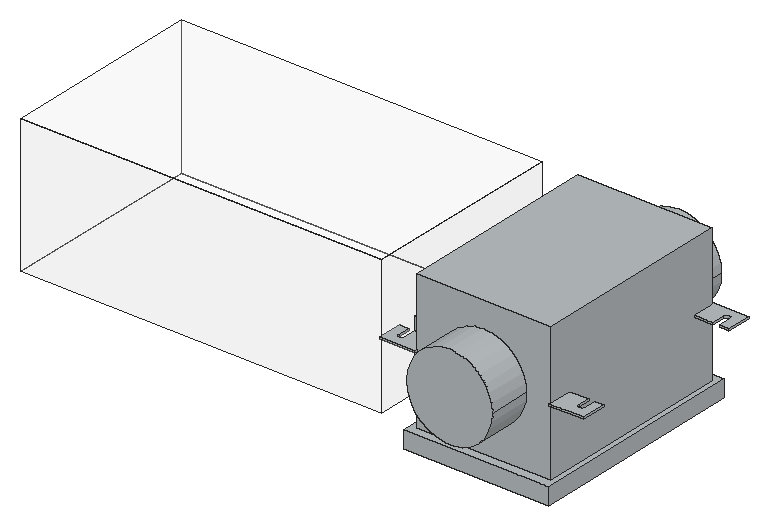
Revit family "bfs-30_150sya2_50Hz", category 機械設備, Revit 2019
Family settings
  丸型コネクタ寸法 = 直径を使用
  パーツ タイプ = 割り込み
  OmniClass 番号 = 23.75.35.17.27
  OmniClass タイトル = Centrifugal Fans
  作業面ベース = いいえ
  常に垂直 = はい
  ロード時にボイドで切り取り = いいえ
  共有 = いいえ
  部屋計算ポイント = はい
Parameters (values of type "BFS-30SYA2")
  騒音レベル(dB(A))_吸込 = 36
  騒音レベル(dB(A))_吐出 = 40
  騒音レベル(dB(A))_側面 = 23
  騒音レベル(dB(A)) = 40
  風量 [instance] = 設計風量  # 0.0 m³/h
  電源種別 [instance] = "一般"
  電圧 = 100 V
  電動機出力 = 16 W
  電動機_種別 [instance] = ""
  運転質量 = 0.00 kg
  連動 [instance] = ""
  質量 = if(製品質量 > 運転質量, 製品質量, 運転質量) * 1.2  # 8.40 kg
  負荷分類 = 3_ファン類
  説明 = "ストレートシロッコファン消音形耐湿タイプ"
  設計風量 [instance] = 0.0 m³/h
  設置方法 = "天吊"
  記号 [instance] = ""
  製造元 = "三菱電機株式会社"
  製品質量 = 7.00 kg
  製品出荷対象 = "国内"
  製品リリース年月 = "2022年6月1日"
  製品グループ = ""
  系統 [instance] = ""
  符号 [instance] = if(☑給気／□排気, "FS", "FE")  # "FE"
  積算_科目 = "2 換気設備"
  積算_拾い区分 [instance] = ""
  相 = 1
  盤記号 [instance] = ""
  盤工事区分 = "電気工事"
  発停方法 [instance] = "別売スイッチ"
  番手 = "#1"
  特殊仕様 [instance] = ""
  火災停止 = ""
  消費電力 = 37 W
  法定耐用年数 = "15"
  機外静圧 [instance] = 0.0 Pa
  極数 = 2
  極 = 4
  材質 [instance] = ""
  本体マテリアル = 溶融亜鉛めっき鋼板
  操作・制御方式 = ""
  操作・制御スイッチ = ""
  排気量 [instance] = if(☑給気／□排気, 0.0 m³/h, 設計風量)  # 0.0 m³/h
  形式 = ""
  形名 = BFS-SYA : BFS-30SYA
  幹線記号 [instance] = ""
  対象室 [instance] = ""
  実風量 = 0.0 m³/h
  始動方式 [instance] = "直入"
  外気量 [instance] = if(☑給気／□排気, 設計風量, 0.0 m³/h)  # 0.0 m³/h
  呼称 = "消音ボックス付送風機"
  周波数 = 50 Hz
  天吊金具ピッチ幅 = 299 mm
  天吊金具ピッチ奥行 = 300 mm
  参照している仕様書等のバージョン = ""
  分類コード = "50052502100020"
  分類グループ = ""
  価格 = 110000
  企業コード = "108420"
  付属品_防振装置 = ""
  付属品 [instance] = ""
  仕様書バージョン = "Version1.0"
  モデル = "BFS-30SYA2"
  ファンの種類 = "多翼形"
  ドレン管径 = 18 mm
  ダクト径 = 150 mm
  サービススペース = yes
  コメント [instance] = ""
  Keynote = ""
  ☑給気／□排気 [instance] = no
  Width = 223 mm
  Version = ""
  Uniclass2015Version = "Systems v1.9"
  Uniclass2015Title = "Centrifugal fans"
  Uniclass2015Code = "Pr_65_67_29_12"
  URL = "https://www.mitsubishielectric.co.jp/ldg/wink/ssl/displayProduct.do?pid=319099"
  SpecificationReference = ""
  SpecificationDescription = ""
  Revision = ""
  ProductInformation = ""
  OmniClassCode = "23-33 31 19 13 15"
  MIN風量 = 0.0 m³/h
  MIN静圧 = 0.0 Pa
  MID風量 = 0.0 m³/h
  MID静圧 = 0.0 Pa
  MAX風量 = 300.0 m³/h
  MAX静圧 = 39.0 Pa
  M = 70 mm
  IfcTypeProduct = ""
  IfcProduct = ""
  IfcExportType = "CENTRIFUGALFORWARDCURVED"
  IfcExportAs = "IfcFanType"
  Height = 228.4 mm
  Depth = 335 mm
  Clearance Top = 0 mm  # constant formula
  Clearance Right = 0 mm  # constant formula
  Clearance Left = 600 mm  # constant formula
  Clearance Front = 0 mm  # constant formula
  Clearance Bottom = 0 mm  # constant formula
  Clearance Back = 0 mm  # constant formula
  Author = "三菱電機株式会社"
Types (6, lengths in mm): name | 騒音レベル(dB(A))_吸込 | 騒音レベル(dB(A))_吐出 | 騒音レベル(dB(A))_側面 | 騒音レベル(dB(A)) | 電動機出力 | 質量 | 製品質量 | 番手 | 消費電力 | 形名 | 天吊金具ピッチ幅 | 天吊金具ピッチ奥行 | 参照している仕様書等のバージョン | 価格 | モデル | ダクト径 | Width | URL | MAX風量 | MAX静圧 | M | Height | Depth
  BFS-30SYA2 | 36 | 40 | 23 | 40 | 16 W | 8.40 kg | 7.00 kg | "#1" | 37 W | BFS-SYA : BFS-30SYA | 299 | 300 | "" | 110000 | "BFS-30SYA2" | 150 | 223 | "https://www.mitsubishielectric.co.jp/ldg/wink/ssl/displayProduct.do?pid=319099" | 300.0 m³/h | 39.0 Pa | 70 | 228.4 | 335
  BFS-40SYA2 | 38 | 43 | 25.5 | 43 | 25 W | 11.40 kg | 9.50 kg | "#1 1/4" | 57 W | BFS-SYA : BFS-40SYA | 331 | 353 | "" | 119000 | "BFS-40SYA2" | 150 | 255 | "https://www.mitsubishielectric.co.jp/ldg/wink/ssl/displayProduct.do?pid=319106" | 400.0 m³/h | 59.0 Pa | 70 | 258.4 | 388
  BFS-50SYA2 | 37 | 48 | 24.5 | 48 | 45 W | 15.00 kg | 12.50 kg | "#1 1/4" | 73.5 W | BFS-SYA : BFS-50SYA | 401 | 388 | "公共建築工事標準仕様書（機械設備工事編）平成31年度版" | 161000 | "BFS-50SYA2" | 200 | 325 | "https://www.mitsubishielectric.co.jp/ldg/wink/ssl/displayProduct.do?pid=319114" | 500.0 m³/h | 130.0 Pa | 85 | 258.4 | 423
  BFS-80SYA2 | 39 | 52 | 29 | 52 | 80 W | 18.00 kg | 15.00 kg | "#1 1/4" | 137 W | BFS-SYA : BFS-80SYA | 449 | 453 | "公共建築工事標準仕様書（機械設備工事編）平成31年度版" | 179000 | "BFS-80SYA2" | 200 | 373 | "https://www.mitsubishielectric.co.jp/ldg/wink/ssl/displayProduct.do?pid=318464" | 800.0 m³/h | 98.0 Pa | 85 | 308.4 | 488
  BFS-100SYA2 | 43 | 57 | 32 | 57 | 160 W | 21.60 kg | 18.00 kg | "#1 1/2" | 198 W | BFS-SYA : BFS-100SYA | 469 | 453 | "公共建築工事標準仕様書（機械設備工事編）平成31年度版" | 204000 | "BFS-100SYA2" | 200 | 393 | "https://www.mitsubishielectric.co.jp/ldg/wink/ssl/displayProduct.do?pid=318945" | 1000.0 m³/h | 145.0 Pa | 85 | 308.4 | 488
  BFS-150SYA2 | 49.5 | 61.5 | 37 | 61.5 | 340 W | 25.80 kg | 21.50 kg | "#1 1/2" | 388 W | BFS-SYA : BFS-150SYA | 467 | 555 | "公共建築工事標準仕様書（機械設備工事編）平成31年度版" | 234000 | "BFS-150SYA2" | 250 | 391 | "https://www.mitsubishielectric.co.jp/ldg/wink/ssl/displayProduct.do?pid=318964" | 1500.0 m³/h | 180.0 Pa | 85 | 353.4 | 590
Reference planes
  plane 1 "中心(正面/背面)": y = 0
  plane 2: z = 0
  plane 3 "中心(左/右)": x = -128
  plane 4 "左": x = -239.5
  plane 5 "右": x = -16.5
  plane 6 "背面": y = 167.5
  plane 7 "正面": y = -167.5
  plane 8: z = 114.2
  plane 9: y = 150
  plane 10: y = -150
  plane 11: x = 21.5
  plane 12: x = -277.5
  plane 13: z = -114.2
  plane 14: z = 114.2
  plane 15: z = -114.2
  plane 16: y = 167.5
  plane 17: y = -167.5
  plane 18: x = -16.5
  plane 19: x = -897.5
  plane 20: x = -297.5
Lines and regions (mm)
  Masking region 1, detail levels coarse+medium
    outline origin (-363.959, -524.811, 0) x (1, 0, 0) y (0, 1, 0)
      loop
        line (124.459, 357.311) -> (347.459, 357.311) -> (347.459, 692.311) -> (124.459, 692.311) -> (124.459, 357.311)
  symbolic lines, detail levels coarse+medium
    curve 1: line (-239.5, 167.5, 0) -> (-16.5, 0, 0)
    curve 2: line (-16.5, 0, 0) -> (-239.5, -167.5, 0)
Dimensions and locks
  "Width": plane 4 "左" to plane 5 "右"
  equal spacing: plane 7 "正面", plane 1 "中心(正面/背面)", plane 6 "背面"
  "Depth": plane 7 "正面" to plane 6 "背面"
  equal spacing: plane 8, level, plane 13
  "Height": plane 8 to plane 13
  equal spacing: plane 10, plane 1 "中心(正面/背面)", plane 9
  "天吊金具ピッチ奥行": plane 10 to plane 9
  "天吊金具ピッチ幅": plane 12 to plane 11
  "Clearance Top": plane 14 to plane 8
  "Clearance Bottom": plane 13 to plane 15
  "Clearance Front": plane 17 to plane 7 "正面"
  "Clearance Back": plane 6 "背面" to plane 16
  "Clearance Right": plane 5 "右" to plane 18
  equal spacing: plane 4 "左", plane 3 "中心(左/右)", plane 5 "右"
  equal spacing: plane 12, plane 3 "中心(左/右)", plane 11
  locked: plane 20 to plane 12 at 20
  "Clearance Left": plane 19 to plane 20
  aligned and locked: level to plane 2
  aligned and locked: nested 2 to plane 9
  aligned and locked: plane 10 to nested 2
  aligned and locked: plane 12 to nested 2
  aligned and locked: plane 11 to nested 2
  aligned and locked: plane 8 to nested 1
  aligned and locked: plane 19 to nested 3
  aligned and locked: plane 17 to nested 3
  aligned and locked: plane 14 to nested 3
  aligned and locked: plane 15 to nested 3
  aligned and locked: plane 1 "中心(正面/背面)" to nested 1
  aligned and locked: nested 1 to plane 3 "中心(左/右)"
  aligned and locked: plane 16 to nested 3
  aligned and locked: plane 20 to nested 3
  aligned and locked: plane 5 "右" to Masking region 1
  aligned and locked: Masking region 1 to plane 4 "左"
  aligned and locked: Masking region 1 to plane 6 "背面"
  aligned and locked: plane 7 "正面" to Masking region 1
Automatic sketch dimensions
  plane 20 to Masking region 1 sketch curve = 58 mm
  Masking region 1 sketch curve to plane 11 = 38 mm
  plane 7 "正面" to Masking region 1 sketch curve = 0 mm
  plane 6 "背面" to Masking region 1 sketch curve = 0 mm
  curve 2 to plane 4 "左" = 0 mm
  curve 1 to plane 4 "左" = 0 mm
  plane 1 "中心(正面/背面)" to curve 1 = 0 mm
  curve 1 to plane 5 "右" = 0 mm
  plane 7 "正面" to curve 2 = 0 mm
  plane 6 "背面" to curve 1 = 0 mm
Nested families
  nested 1: "BFS-SYA" at (-128, 0, -114.2) x (0, -1, 0) z (0, 0, 1), type <- "形名", type "BFS-30SYA"
  nested 2: "固定点" at (-277.5, -150, 0), type "固定点"
    with W 299 mm, D 300 mm
  nested 3: "サービススペース" at (-597.5, 0, 0), visible <- "サービススペース", type "サービススペース"
    with Width 600 mm, Height 228.4 mm, Depth 335 mm
Connectors
  hvac at (-128, -237.5, 1.2), driven by "ダクト径", driven by "機外静圧", driven by "風量"
    settings: on nested 1, index 2, duct flow 0.0 m³/h, flow factor 0, pres drop 0.0 Pa, loss coef 0, conn angle 0.00°, conn width 304.8 mm, conn height 304.8 mm, conn diameter 150 mm, duct sys type 29, conn prof type 0, flow config 0, flow direction 2, loss method 4, conn ref index -1, conn util no, is conn primary yes, conn desc ""
  hvac at (-128, 237.5, 1.2), driven by "ダクト径", driven by "機外静圧", driven by "風量"
    settings: on nested 1, index 3, duct flow 0.0 m³/h, flow factor 0, pres drop 0.0 Pa, loss coef 0, conn angle 0.00°, conn width 304.8 mm, conn height 304.8 mm, conn diameter 150 mm, duct sys type 29, conn prof type 0, flow config 0, flow direction 1, loss method 4, conn ref index -1, conn util no, is conn primary no, conn desc ""
  electrical at (-290.6, -36.9, -38.2), driven by "極数", driven by "負荷分類", driven by "電圧", driven by "消費電力"
    settings: on nested 1, index 4, voltage 100 V, apparent load 37 VA, apparent load phase1 0 VA, apparent load phase2 0 VA, apparent load phase3 0 VA, power factor 1, load classification "3_ファン類", number of poles 2, system type 30, power factor state 1, is connector primary yes, connector utility no, sub classification motor no, connector description ""
  piping at (-233, 0, -167.8), diameter 18, driven by "ドレン管径"
    settings: on nested 1, index 5, connector inside diameter 609.6 mm, connector length 0 mm, flow factor 0, pipe flow 0.0 L/s, pressure drop 0.0 Pa, fitting loss kfactor 0, connector angle 0.00°, fixture units 0, engagement length 0 mm, angle of deflection 0.00°, flow configuration 1, flow direction 2, fitting loss method 4, system type 16, joint type 0, gender type 0, connector reference index -1, connector utility 0, adjustable connector no, is connector primary yes, connector description ""
Definition of nested family "BFS-SYA"
  Parameters (values of type "BFS-30SYA")
    端子カバー高 = 90 mm  # constant formula
    端子カバー手前位置 = 60.6 mm
    端子カバー幅 = 51.1 mm  # constant formula
    端子カバー奥行 = 140 mm  # constant formula
    端子カバー上位置 = 107.4 mm
    吊りボルト-φ = 11 mm
    吊りボルト-W2 = 41 mm
    吊りボルト-W1 = 300 mm
    吊りボルト-D2 = 339 mm
    吊りボルト-D1 = 299 mm
    マテリアル = none
    ダクト位置高 = 113 mm
    φ = 142 mm
    Φ = 160 mm
    w1 = 365 mm
    kb_z = 20 mm
    吊りボルト-h = ダクト位置高  # 113 mm
    d1 = 240 mm
    b = 280 mm
    a = 70 mm
    W = 335 mm
    H = 228.4 mm
    c = 85 mm
    D = 223 mm
  Types (6, lengths in mm): name | 端子カバー手前位置 | 端子カバー上位置 | 吊りボルト-W1 | 吊りボルト-D2 | 吊りボルト-D1 | ダクト位置高 | φ | Φ | w1 | kb_z | 吊りボルト-h | d1 | b | a | W | H | c | D
    BFS-50SYA | 69.2 | 122.8 | 388 | 441 | 401 | 128 | 192 | 208 | 453 | 20 | 128 | 342 | 280 | 85 | 423 | 258.4 | 50 | 325
    BFS-80SYA | 71 | 152.4 | 453 | 489 | 449 | 153 | 192 | 208 | 519 | 25 | 153 | 390 | 280 | 85 | 488 | 308.4 | 50 | 373
    BFS-100SYA | 70.2 | 152.4 | 453 | 509 | 469 | 153 | 192 | 208 | 519 | 25 | 153 | 410 | 280 | 85 | 488 | 308.4 | 50 | 393
    BFS-150SYA | 88.2 | 60.5 | 555 | 507 | 467 | 175 | 242 | 258 | 621 | 120 | 175 | 408 | 280 | 85 | 590 | 353.4 | 50 | 391
    BFS-30SYA | 60.6 | 107.4 | 300 | 339 | 299 | 113 | 142 | 160 | 365 | 20 | 113 | 240 | 280 | 70 | 335 | 228.4 | 85 | 223
    BFS-40SYA | 62.3 | 122.6 | 353 | 371 | 331 | 128 | 142 | 160 | 419 | 25 | 128 | 273 | 288 | 70 | 388 | 258.4 | 50 | 255
  Reference planes
    plane 1 "中心(正面/背面)": y = 0
    plane 2: z = 0
    plane 3 "中心(左/右)": x = 0
    plane 4: y = 111.5
    plane 5: y = 149.5
    plane 6: y = 169.5
    plane 7: y = -111.5
    plane 8: y = -149.5
    plane 9: y = -169.5
    plane 10: x = -167.5
    plane 11: x = -150
    plane 12: x = -170.5
    plane 13: x = 167.5
    plane 14: x = 150
    plane 15: x = 170.5
    plane 16: z = 228.4
    plane 17: x = -173.1
    plane 18: x = 106.9
    plane 19: x = 237.5
    plane 20: x = -237.5
    plane 21: z = 115.4
    plane 22: z = 112.4
    plane 23: z = 74.4
    plane 24: x = -129.5
    plane 25: z = 97.4
    plane 26: x = 129.5
    plane 27: y = 114.5
    plane 28: x = -33.1
    plane 29: z = 121
    plane 30: z = 31
    plane 31: y = -162.6
    plane 32: y = 120
    plane 33: y = -120
    plane 34: x = -182.5
    plane 35: x = 182.5
    plane 36: z = -23.6
    plane 37: z = -28.6
    plane 38: z = -53.6
    plane 39: y = -105
    plane 40: z = 115.4
  Forms (mm)
    Extrusion 1, solid, material <- "マテリアル", detail levels fine
      sketch origin (0, 0, 0) x (1, 0, 0) y (0, 1, 0)
        loop
          line (-167.5, 111.5) -> (-167.5, -111.5) -> (167.5, -111.5) -> (167.5, 111.5) -> (-167.5, 111.5)
      from 0 to 228.4
    Extrusion 2, solid, material <- "マテリアル", detail levels fine
      sketch origin (0, 0, 0) x (1, 0, 0) y (0, 1, 0)
        loop
          line (-170.5, -111.5) -> (-170.5, -169.5) -> (-129.5, -169.5) -> (-129.5, -155) -> (-150, -155)
          arc (-150, -155) -> (-155.5, -149.5) -> (-150, -144) r 5.5
          line (-150, -144) -> (-129.5, -144) -> (-129.5, -111.5) -> (-170.5, -111.5)
      from 112.4 to 115.4
    Extrusion 3, solid, material <- "マテリアル", detail levels fine
      sketch origin (0, 0, 0) x (1, 0, 0) y (0, 1, 0)
        loop
          line (-170.5, 111.5) -> (-129.5, 111.5) -> (-129.5, 144) -> (-150, 144)
          arc (-150, 144) -> (-155.5, 149.5) -> (-150, 155) r 5.5
          line (-150, 155) -> (-129.5, 155) -> (-129.5, 169.5) -> (-170.5, 169.5) -> (-170.5, 111.5)
      from 112.4 to 115.4
    Extrusion 4, solid, material <- "マテリアル", detail levels fine
      sketch origin (0, 0, 0) x (-1, 0, 0) y (0, -1, 0)
        loop
          line (-170.5, -111.5) -> (-170.5, -169.5) -> (-129.5, -169.5) -> (-129.5, -155) -> (-150, -155)
          arc (-150, -155) -> (-155.5, -149.5) -> (-150, -144) r 5.5
          line (-150, -144) -> (-129.5, -144) -> (-129.5, -111.5) -> (-170.5, -111.5)
      from 112.4 to 115.4
    Extrusion 5, solid, material <- "マテリアル", detail levels fine
      sketch origin (0, 0, 0) x (-1, 0, 0) y (0, -1, 0)
        loop
          line (-170.5, 111.5) -> (-129.5, 111.5) -> (-129.5, 144) -> (-150, 144)
          arc (-150, 144) -> (-155.5, 149.5) -> (-150, 155) r 5.5
          line (-150, 155) -> (-129.5, 155) -> (-129.5, 169.5) -> (-170.5, 169.5) -> (-170.5, 111.5)
      from 112.4 to 115.4
    Extrusion 6, solid, material <- "マテリアル", detail levels fine
      sketch origin (0, 0, 0) x (0, 1, 0) y (0, 0, 1)
        loop
          circle (0, 115.4) r 71
      from -167.5 to -237.5
    Extrusion 7, solid, material <- "マテリアル", detail levels fine
      sketch origin (0, 0, 0) x (0, 1, 0) y (0, 0, -1)
        loop
          circle (0, -115.4) r 71
      from -167.5 to -237.5
    Extrusion 8, solid, material <- "マテリアル", detail levels fine
      sketch origin (0, 0, 0) x (1, 0, 0) y (0, 0, 1)
        loop
          line (106.9, 121) -> (-33.1, 121) -> (-33.1, 31) -> (106.9, 31) -> (106.9, 121)
      from 111.5 to 162.6
    Extrusion 9, solid, material <- "マテリアル", detail levels fine
      sketch origin (0, 0, 0) x (0, 1, 0) y (0, 0, 1)
        loop
          line (-120, -28.6) -> (120, -28.6) -> (120, 0) -> (-120, 0) -> (-120, -28.6)
      from -182.5 to 182.5
    Extrusion 10, solid, material <- "マテリアル", detail levels fine
      sketch origin (0, 0, 0) x (1, 0, 0) y (0, 1, 0)
        loop
          circle (0, -105) r 9
      from -53.6 to -28.6
  Dimensions and locks
    plane 12 to plane 15 = 341 mm
    "吊りボルト-W1": plane 11 to plane 14
    "W": plane 10 to plane 13
    "吊りボルト-D2": plane 9 to plane 6
    "吊りボルト-D1": plane 8 to plane 5
    "D": plane 7 to plane 4
    equal spacing: plane 7, plane 1 "中心(正面/背面)", plane 4
    equal spacing: plane 10, plane 3 "中心(左/右)", plane 13
    "H": plane 16 to level
    locked: plane 13 to plane 15 at 3
    locked: plane 12 to plane 10 at 3
    locked: plane 21 to plane 22 at 3
    locked: plane 21 to plane 23 at 41
    "吊りボルト-W2": plane 12 to plane 24
    locked: plane 22 to plane 25 at 15
    "吊りボルト-W2": plane 26 to plane 15
    locked: plane 27 to plane 4 at 3
    "a": plane 20 to plane 10
    "a": plane 13 to plane 19
    "端子カバー手前位置": plane 13 to plane 18
    "b": plane 18 to plane 17
    "端子カバー奥行": plane 18 to plane 28
    "端子カバー高": plane 29 to plane 30
    "端子カバー幅": plane 31 to plane 7
    equal spacing: plane 33, plane 1 "中心(正面/背面)", plane 32
    "d1": plane 33 to plane 32
    "w1": plane 34 to plane 35
    equal spacing: plane 34, plane 3 "中心(左/右)", plane 35
    locked: plane 37 to plane 38 at 25
    plane 33 to plane 32 = 240 mm
    locked: plane 33 to plane 39 at 15
    equal spacing: plane 11, plane 3 "中心(左/右)", plane 14
    equal spacing: plane 9, plane 1 "中心(正面/背面)", plane 6
    equal spacing: plane 8, plane 1 "中心(正面/背面)", plane 5
    "吊りボルト-h": plane 16 to plane 21
    "端子カバー上位置": plane 16 to plane 29
    locked: plane 36 to plane 37 at 5
    locked: level to plane 37 at 28.6
    "ダクト位置高": plane 16 to plane 40
    "φ": diameter of Extrusion 6 sketch curve
    "φ": diameter of Extrusion 7 sketch curve
    radius of Extrusion 10 sketch curve = 9 mm
    aligned and locked: level to plane 2
    aligned and locked: plane 4 to Extrusion 1 sketch curve
    aligned and locked: plane 10 to Extrusion 1 sketch curve
    aligned and locked: Extrusion 1 sketch curve to plane 7
    aligned and locked: Extrusion 1 sketch curve to plane 13
    aligned and locked: plane 16 to Extrusion 1
    aligned and locked: plane 7 to Extrusion 2 sketch curve
    aligned and locked: plane 12 to Extrusion 2 sketch curve
    aligned and locked: Extrusion 2 sketch curve to plane 9
    aligned and locked: Extrusion 2 sketch curve to plane 24  (x2)
    aligned and locked: plane 11 to Extrusion 2 sketch curve
    aligned and locked: plane 8 to Extrusion 2 sketch curve
    aligned and locked: plane 21 to Extrusion 2
    aligned and locked: Extrusion 2 to plane 22
    aligned and locked: plane 24 to Extrusion 3 sketch curve  (x2)
    aligned and locked: plane 5 to Extrusion 3 sketch curve
    aligned and locked: plane 11 to Extrusion 3 sketch curve
    aligned and locked: Extrusion 3 sketch curve to plane 6
    aligned and locked: Extrusion 3 sketch curve to plane 12
    aligned and locked: plane 4 to Extrusion 3 sketch curve
    aligned and locked: plane 21 to Extrusion 3
    aligned and locked: Extrusion 3 to plane 22
    aligned and locked: Extrusion 4 to plane 6
    aligned and locked: plane 15 to Extrusion 4
    aligned and locked: Extrusion 4 to plane 26
    aligned and locked: plane 26 to Extrusion 4 sketch curve  (x2)
    aligned and locked: plane 6 to Extrusion 4 sketch curve
    aligned and locked: Extrusion 4 sketch curve to plane 15
    aligned and locked: plane 5 to Extrusion 4 sketch curve
    aligned and locked: plane 14 to Extrusion 4 sketch curve
    aligned and locked: Extrusion 4 sketch curve to plane 4
    aligned and locked: Extrusion 4 to plane 22
    aligned and locked: plane 21 to Extrusion 4
    aligned and locked: plane 9 to Extrusion 5 sketch curve
    aligned and locked: plane 15 to Extrusion 5 sketch curve
    aligned and locked: Extrusion 5 sketch curve to plane 7
    aligned and locked: Extrusion 5 sketch curve to plane 26  (x2)
    aligned and locked: plane 14 to Extrusion 5 sketch curve
    aligned and locked: plane 8 to Extrusion 5 sketch curve
    aligned and locked: Extrusion 5 to plane 22
    aligned and locked: plane 21 to Extrusion 5
    aligned and locked: plane 1 "中心(正面/背面)" to Extrusion 6 sketch curve
    aligned and locked: Extrusion 6 to plane 20
    aligned and locked: plane 1 "中心(正面/背面)" to Extrusion 7 sketch curve
    aligned and locked: plane 19 to Extrusion 7
    aligned and locked: plane 29 to Extrusion 8 sketch curve
    aligned and locked: plane 18 to Extrusion 8 sketch curve
    aligned and locked: Extrusion 8 sketch curve to plane 30
    aligned and locked: Extrusion 8 sketch curve to plane 28
    aligned and locked: Extrusion 8 to plane 7
    aligned and locked: plane 35 to Extrusion 9
    aligned and locked: Extrusion 9 to plane 34
    aligned and locked: plane 39 to Extrusion 10 sketch curve
    aligned and locked: plane 3 "中心(左/右)" to Extrusion 10 sketch curve
    aligned and locked: Extrusion 10 to plane 38
    aligned and locked: plane 40 to Extrusion 7 sketch curve
    aligned and locked: plane 40 to Extrusion 6 sketch curve
    aligned and locked: Extrusion 9 sketch curve to plane 37
    aligned and locked: plane 33 to Extrusion 9 sketch curve
    aligned and locked: level to Extrusion 9 sketch curve
    aligned and locked: Extrusion 9 sketch curve to plane 32
    aligned and locked: plane 37 to Extrusion 10
    aligned and locked: plane 31 to Extrusion 8
    aligned and locked: Extrusion 7 to plane 13
    aligned and locked: plane 10 to Extrusion 6
  Automatic sketch dimensions
    Extrusion 2 sketch curve to plane 11 = 0 mm
    plane 8 to Extrusion 2 sketch curve = 5.5 mm
    Extrusion 3 sketch curve to plane 11 = 0 mm
    plane 5 to Extrusion 3 sketch curve = 5.5 mm
    Extrusion 4 sketch curve to plane 14 = 0 mm
    Extrusion 4 sketch curve to plane 5 = 5.5 mm
    Extrusion 5 sketch curve to plane 14 = 0 mm
    Extrusion 5 sketch curve to plane 8 = 5.5 mm
Definition of nested family "サービススペース"
  Parameters (values of type "サービススペース")
    Width [instance] = 500 mm
    Height [instance] = 500 mm
    Depth [instance] = 500 mm
  Reference planes
    plane 1 "中心(正面/背面)": y = 0
    plane 2: z = 0
    plane 3 "中心(左/右)": x = 0
    plane 4: y = -250
    plane 5: x = 250
    plane 6: y = 250
    plane 7: x = -250
    plane 8: z = 250
    plane 9: z = -250
  Forms (mm)
    Extrusion 1, solid
      sketch origin (-638.939, 0, 72.39) x (1, 0, 0) y (0, 1, 0)
        loop
          line (388.939, 250) -> (388.939, -250) -> (888.939, -250) -> (888.939, 250) -> (388.939, 250)
      from -322.39 to 177.61
  Lines and regions (mm)
    symbolic lines
      curve 1: line (-250, 0, 250) -> (250, 0, 250)
      curve 2: line (-250, 0, -250) -> (-250, 0, 250)
      curve 3: line (250, 0, -250) -> (-250, 0, -250)
      curve 4: line (250, 0, 250) -> (250, 0, -250)
      curve 5: line (0, -250, 250) -> (0, 250, 250)
      curve 6: line (0, -250, -250) -> (0, -250, 250)
      curve 7: line (0, 250, -250) -> (0, -250, -250)
      curve 8: line (0, 250, 250) -> (0, 250, -250)
      curve 9: line (-250, 250, 0) -> (250, 250, 0)
      curve 10: line (-250, -250, 0) -> (-250, 250, 0)
      curve 11: line (250, -250, 0) -> (-250, -250, 0)
      curve 12: line (250, 250, 0) -> (250, -250, 0)
  Dimensions and locks
    equal spacing: plane 7, plane 3 "中心(左/右)", plane 5
    equal spacing: plane 4, plane 1 "中心(正面/背面)", plane 6
    "Depth": plane 4 to plane 6
    "Width": plane 7 to plane 5
    equal spacing: plane 8, plane 2, plane 9
    "Height": plane 8 to plane 9
    aligned and locked: plane 9 to curve 3
    aligned and locked: plane 7 to curve 2
    aligned and locked: curve 4 to plane 5
    aligned and locked: plane 5 to Extrusion 1
    aligned and locked: Extrusion 1 to plane 7
    aligned and locked: Extrusion 1 to plane 9
    aligned and locked: plane 8 to Extrusion 1
    aligned and locked: plane 9 to curve 7
  Automatic sketch dimensions
    plane 4 to Extrusion 1 sketch curve = 0 mm
    Extrusion 1 sketch curve to plane 7 = 0 mm
    Extrusion 1 sketch curve to plane 5 = 0 mm
    plane 6 to Extrusion 1 sketch curve = 0 mm
    curve 2 to plane 8 = 0 mm
    plane 4 to curve 11 = 0 mm
    curve 11 to plane 7 = 0 mm
    curve 11 to plane 5 = 0 mm
    plane 6 to curve 10 = 0 mm
    curve 7 to plane 4 = 0 mm
    curve 7 to plane 6 = 0 mm
    curve 6 to plane 8 = 0 mm
Definition of nested family "固定点"
  Parameters (values of type "固定点")
    中心円 = 11 mm
    W [instance] = 1000 mm
    D [instance] = 1000 mm
  Reference planes
    plane 1 "中心(正面/背面)": y = 0
    plane 2: z = 0
    plane 3 "中心(左/右)": x = 0
    plane 4: x = 1000
    plane 5: y = 1000
  Lines and regions (mm)
    symbolic lines, detail levels fine
      curve 1: circle (0, 1000, 0) r 5.5 normal (0, 0, 1)
      curve 2: circle (0, 0, 0) r 5.5 normal (0, 0, 1)
      curve 3: circle (1000, 1000, 0) r 5.5 normal (0, 0, 1)
      curve 4: circle (1000, 0, 0) r 5.5 normal (0, 0, 1)
      curve 5: line (-200, 1000, 0) -> (1200, 1000, 0)
      curve 6: line (-200, 0, 0) -> (1200, 0, 0)
      curve 7: line (0, 1200, 0) -> (0, -200, 0)
      curve 8: line (1000, 1200, 0) -> (1000, -200, 0)
  Dimensions and locks
    "W": plane 3 "中心(左/右)" to plane 4
    "D": plane 1 "中心(正面/背面)" to plane 5
    "中心円": diameter of curve 1
    "中心円": diameter of curve 2
    "中心円": diameter of curve 3
    "中心円": diameter of curve 4
    aligned and locked: level to plane 2
    aligned and locked: plane 5 to curve 1
    aligned and locked: plane 3 "中心(左/右)" to curve 1
    aligned and locked: plane 3 "中心(左/右)" to curve 2
    aligned and locked: plane 1 "中心(正面/背面)" to curve 2
    aligned and locked: plane 4 to curve 3
    aligned and locked: plane 5 to curve 3
    aligned and locked: plane 1 "中心(正面/背面)" to curve 4
    aligned and locked: plane 4 to curve 4
    aligned and locked: plane 1 "中心(正面/背面)" to curve 6
    aligned and locked: curve 7 to plane 3 "中心(左/右)"
    aligned and locked: curve 8 to plane 4
  Automatic sketch dimensions
    curve 5 to plane 5 = 0 mm
    curve 6 to plane 3 "中心(左/右)" = 200 mm
    curve 5 to plane 3 "中心(左/右)" = 200 mm
    curve 4 to curve 6 = 200 mm
    curve 3 to curve 5 = 200 mm
    plane 1 "中心(正面/背面)" to curve 8 = 200 mm
    plane 1 "中心(正面/背面)" to curve 7 = 200 mm
    curve 3 to curve 8 = 200 mm
    curve 1 to curve 7 = 200 mm
